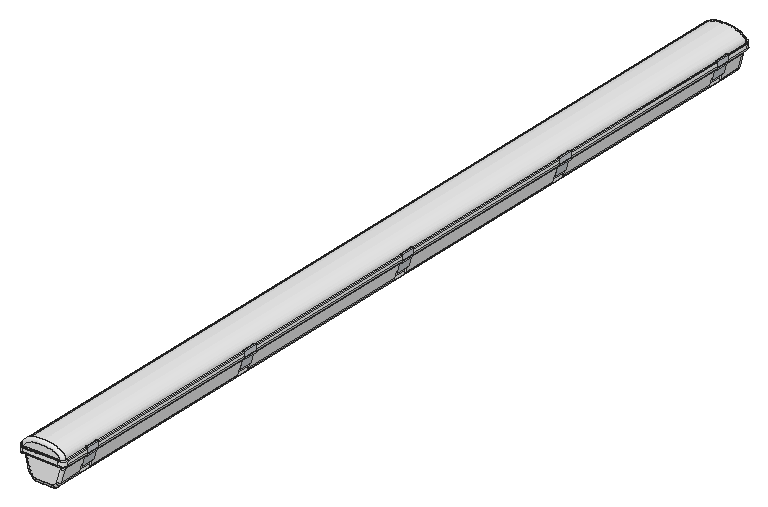
Revit family "0048802 Sylvania Lighting Fixture HYDROPROOF LED G3 1500MM S 4K E3", category Lighting Fixtures, host Face, Revit 2016
Family settings
  Host = Face
  Part Type = Normal
  Round Connector Dimension = Use Diameter
  OmniClass Number = 23.80.70.11.14
  OmniClass Title = General Luminaries, Directional
  Cut with Voids When Loaded = No
  Light Source = Yes
  Shared = No
  Room Calculation Point = No
Parameters (values of type "0048802 HYDROPROOF LED G3 1500MM S 4K E3")
  Width = 84 mm
  Weight = "2.54 kg"
  Wattage Comments = "n/a"
  Wattage = 34 W
  WarrantyStartDate [instance] = "n/a"
  WarrantyGuarantorParts = "n/a"
  WarrantyDurationUnit = "n/a"
  WarrantyDurationParts = "n/a"
  WarrantyDescription = "n/a"
  built-in parameter 1150110 = 1 (stored number, unit not read)
  Voltage = 230 V
  URL = "http://www.sylvania-lighting.com"
  TypeName = "HYDROPROOF LED G3 1500MM S 4K E3"
  Type Image = <None>
  Type Comments = "n/a"
  built-in parameter 1114217 = 1 (stored number, unit not read)
  Tilt Angle = -90.00°
  built-in parameter 1150109 = 1 (stored number, unit not read)
  built-in parameter 1150134 = 12
  built-in parameter 1150113 = 1 (stored number, unit not read)
  SerialNumber [instance] = "n/a"
  ReflectorMaterial = none
  PowerFactor = 0
  PowerConsumption = "34 W"
  Photometric Web File = "0048802.ies"
  NominalWidth = 0 mm
  NominalLength = 1578 mm
  NominalHeight = 75 mm
  Name = "HYDROPROOF LED G3 1500MM S 4K E3"
  ModelReference = "HYDROPROOF LED G3 1500MM S 4K E3"
  ModelNumber = "0048802"
  Model = "HYDROPROOF LED G3 1500MM S 4K E3"
  Material = "grp housing, pmma diffuser"
  ManufacturerName = "Feilo Sylvania"
  Manufacturer = "Feilo Sylvania"
  LuminousEfficacy = "145 lm/W"
  built-in parameter 1150105 = 392.32 (stored number, unit not read)
  Lumens = 4930 lm
  LuminaireType = ""
  built-in parameter 1150115 = 1 (stored number, unit not read)
  LightOutputRatio = "n/a"
  built-in parameter 1150137 = (empty or 0)
  built-in parameter 1150139 = (empty or 0)
  Length = 1572 mm
  LampsType = Lamp  # "LED"
  LampNominalLuminous = "4950 lm"
  LampMacAdamStep = "3"
  LampColourTemperature = "4000 K"
  LampColourRenderingIndex = "80"
  built-in parameter 1150112 = 1 (stored number, unit not read)
  built-in parameter 1150114 = 1 (stored number, unit not read)
  Lamp = "LED"
  Keynote = "16500"
  InstallationDate [instance] = "n/a"
  InputVoltage = "220-240V~"
  InputNominalFrequency = "50/60 Hz"
  built-in parameter 1150132 = (empty or 0)
  built-in parameter 1150102 = (empty or 0)
  built-in parameter 1150107 = 4000 (stored number, unit not read)
  built-in parameter 1150138 = (empty or 0)
  IngressProtection = "IP65"
  ImpactProtectionIndex = "IK02"
  built-in parameter 1150106 = 3.9232 (stored number, unit not read)
  IfcExportType = "IfcLightFixtureType"
  IfcExportAs = "IfcLightFixtureType"
  ExpectedLife = 50000
  Emit from Rectangle Width = Width - 20 mm  # 64 mm
  Emit from Rectangle Length = Length - 20 mm  # 1552 mm
  Emit Shape Visible in Rendering = no
  ElectricShockClassification = "Class I"
  built-in parameter 1150104 = 13.471 (stored number, unit not read)
  DurationUnit = "hours"
  DocumentationLiterature = "http://www.sylvania-lighting.com/product/en-int/products/0048802"
  DimmingControlOptions = "Non dimmable"
  Dimming Lamp Color Temperature Shift = <None>
  DiffuserMaterial = Diffuser-Sylvania-Transparent
  Description = "Hydroproof, integrated LED chemical resistant weatherproof luminaire, with UV stabilized flat diffuser and linear prisms designed to achieve uniform lit appearance, optimise light output and to reduce glare, stainless steel diffuser clips and fixing brackets for surface and wall mounting. L 1578 mm x W 84 mm x H 75 mm size, GRP housing, PMMA diffuser, Non dimmable,   3 hour emergency, 4000K, CRI80,  4950 lm, 34 W, 145 lm/W, nominal average life (h):50000, energy class: A++ A+ A Class I,IK02, IP65."
  Default Elevation = 1219.2 mm
  CreatedOn = "3/27/2018"
  CreatedBy = "aron.fodor@feilosylvania.com"
  Cost = 0
  Color Filter = 16777215
  built-in parameter 1114216 [instance] = (empty or 0)
  ClassificationValue = "EF_70_80"
  ClassificationName = "Uniclass2015"
  BodyMaterial = Body-Sylvania-Gray
  BarCode [instance] = "n/a"
  built-in parameter 1114218 = 1 (stored number, unit not read)
  built-in parameter 1150133 = 10 (stored number, unit not read)
  AssetType = "Fixed"
  AssetIdentifier [instance] = "n/a"
  Assembly Code = "D5020200"
  Apparent Load = 34 VA
  AccessoryMaterial = Diffuser-Sylvania-Glow
Types (2, lengths in mm): name | Wattage | PowerConsumption | Photometric Web File | built-in parameter 1150105 | Lumens | LampNominalLuminous | built-in parameter 1150106 | Apparent Load
  0048802 HYDROPROOF LED G3 1500MM S 4K E3 | 34 W | "34 W" | "0048802.ies" | 392.32 (stored number, unit not read) | 4930 lm | "4950 lm" | 3.9232 (stored number, unit not read) | 34 VA
  0048802 HYDROPROOF LED G3 1500MM S 4K E3 Emergency mode | 1.65517 W | "1.65 W" | "0048802EM.ies" | 19.099 (stored number, unit not read) | 240 lm | "240 lm" | 0.19099 (stored number, unit not read) | 1.65517 VA
Reference planes
  plane 1 "Center (Front/Back)": y = 0
  plane 2: z = 0
  plane 3 "Center (Left/Right)": x = 0
  plane 4: z = 54
  plane 5: x = -14.7
  plane 6: x = -21.8
  plane 7: x = -26.6
  plane 8: x = -29.2
  plane 9: z = 3
  plane 10: z = 7.8
  plane 11: z = 12.3
  plane 12: z = 36.6
  plane 13: z = 42.8
  plane 14: x = -38.1
  plane 15: z = 46.2
  plane 16: x = -42
  plane 17: y = 786
  plane 18: y = -786
  plane 19: x = 14.7
  plane 20: x = 21.8
  plane 21: x = 26.6
  plane 22: x = 29.2
  plane 23: x = 38.1
  plane 24: x = 42
  plane 25: y = 778.4
  plane 26: y = -778.4
  plane 27: y = -774.7
  plane 28: y = 774.7
  plane 29: z = 74
  plane 30: x = -38.5
  plane 31: x = 38.5
  plane 32: z = 55.2
  plane 33: y = -782.5
  plane 34: y = 782.5
  plane 35: x = -24.5
  plane 36: x = 24.5
  plane 37: x = -35.7
  plane 38: x = 35.7
  plane 39: z = 50.2
  plane 40: z = 24.6
  plane 41: y = -720
  plane 42: y = -734
  plane 43: y = -706
  plane 44: y = 720
  plane 45: y = -720
  plane 46: y = -734
  plane 47: y = -706
  plane 48: y = 720
  plane 49: y = 706
  plane 50: y = 734
  plane 51: y = -360
  plane 52: y = -374
  plane 53: y = -346
  plane 54: y = 0
  plane 55: y = -14
  plane 56: y = 14
  plane 57: y = 360
  plane 58: y = 346
  plane 59: y = 374
Forms (mm)
  Sweep 1, solid, material "Body-Sylvania-Gray" <- "BodyMaterial", detail levels medium+fine
    path origin (1223.4, -4572, 54) x (0, -1, 0) y (1, 0, 0)
      loop
        arc (-3796, -1265.4) -> (-3788.929, -1262.471) -> (-3786, -1255.4) r 10
        line (-3786, -1255.4) -> (-3786, -1191.4)
        arc (-3786, -1191.4) -> (-3788.929, -1184.329) -> (-3796, -1181.4) r 10
        line (-3796, -1181.4) -> (-5348, -1181.4)
        arc (-5348, -1181.4) -> (-5355.071, -1184.329) -> (-5358, -1191.4) r 10
        line (-5358, -1191.4) -> (-5358, -1255.4)
        arc (-5358, -1255.4) -> (-5355.071, -1262.471) -> (-5348, -1265.4) r 10
        line (-5348, -1265.4) -> (-3796, -1265.4)
    profile origin (-42, 0, 54) x (-1, 0, 0) y (0, 0, 1)
      loop
        line (0, 0) -> (-1, 0) -> (-1, -7.726)
        arc (-1, -7.726) -> (-1.994, -9.498) -> (-3.9, -10.2) r 2.937
        line (-3.9, -10.2) -> (-8.571, -10.2) -> (-8.571, -11.2) -> (-3.9, -11.2)
        arc (-3.9, -11.2) -> (-1.313, -10.231) -> (0, -7.8) r 3.937
        line (0, -7.8) -> (0, 0)
  Sweep 2, solid, material "Body-Sylvania-Gray" <- "BodyMaterial", detail levels medium+fine
    path origin (0, 0, 0) x (1, 0, 0) y (0, 0, 1)
      loop
        line (35.7, 42.8) -> (35.7, 36.6) -> (29.203, 12.31)
        arc (29.203, 12.31) -> (28.199, 9.884) -> (26.6, 7.8) r 10.052
        line (26.6, 7.8) -> (21.8, 3)
        arc (21.8, 3) -> (18.554, 0.781) -> (14.7, 0) r 9.902
        line (14.7, 0) -> (0, 0) -> (-14.7, 0)
        arc (-14.7, 0) -> (-18.554, 0.781) -> (-21.8, 3) r 9.902
        line (-21.8, 3) -> (-26.6, 7.8)
        arc (-26.6, 7.8) -> (-28.199, 9.884) -> (-29.203, 12.31) r 10.052
        line (-29.203, 12.31) -> (-35.7, 36.6) -> (-35.7, 42.8)
    profile origin (0, 0, 0) x (0, 0, -1) y (0, -1, 0)
      loop
        arc (0, 773.4) -> (-1.464, 776.936) -> (-5, 778.4) r 5
        line (-5, 778.4) -> (-7.8, 778.4) -> (-7.8, -778.4) -> (-5, -778.4)
        arc (-5, -778.4) -> (-1.464, -776.936) -> (0, -773.4) r 5
        line (0, -773.4) -> (0, 773.4)
  Extrusion 3, solid, material "Body-Sylvania-Gray" <- "BodyMaterial", detail levels medium+fine
    sketch origin (1524, 778.4, 1219.2) x (1, 0, 0) y (0, 0, 1)
      loop
        arc (-1545.668, -1204.874) -> (-1545.443, -1205.418) -> (-1545.085, -1205.885) r 2.252
        line (-1545.085, -1205.885) -> (-1540.231, -1210.738)
        arc (-1540.231, -1210.738) -> (-1539.534, -1211.227) -> (-1538.7, -1211.4) r 2.102
        line (-1538.7, -1211.4) -> (-1509.3, -1211.4)
        arc (-1509.3, -1211.4) -> (-1508.466, -1211.227) -> (-1507.769, -1210.738) r 2.102
        line (-1507.769, -1210.738) -> (-1502.915, -1205.885)
        arc (-1502.915, -1205.885) -> (-1502.557, -1205.418) -> (-1502.332, -1204.874) r 2.252
        line (-1502.332, -1204.874) -> (-1496.1, -1181.575) -> (-1496.1, -1176.4) -> (-1551.9, -1176.4) -> (-1551.9, -1181.575) -> (-1545.668, -1204.874)
    from 0 to 1556.8
  Sweep 4, solid, material "Diffuser-Sylvania-Transparent" <- "DiffuserMaterial", detail levels medium+fine
    path origin (0, 0, 0) x (1, 0, 0) y (0, 0, 1)
      loop
        spline (-38.5, 55.2) -> (-37.188, 60.066) -> (-33.342, 64.6) -> (-27.224, 68.494) -> (-19.25, 71.481) -> (-9.965, 73.359) -> (0, 74) -> (9.965, 73.359) -> (19.25, 71.481) -> (27.224, 68.494) -> (33.342, 64.6) -> (37.188, 60.066) -> (38.5, 55.2)
    profile origin (38.5, 0, 55.2) x (0, -1, 0) y (1, 0, 0)
      loop
        arc (782.5, -5.5) -> (780.889, -1.611) -> (777, 0) r 5.5
        line (777, 0) -> (-777, 0)
        arc (-777, 0) -> (-780.889, -1.611) -> (-782.5, -5.5) r 5.5
        line (-782.5, -5.5) -> (-782.5, -6.3) -> (-781.5, -6.3) -> (-781.5, -5.5)
        arc (-781.5, -5.5) -> (-780.182, -2.318) -> (-777, -1) r 4.5
        line (-777, -1) -> (777, -1)
        arc (777, -1) -> (780.182, -2.318) -> (781.5, -5.5) r 4.5
        line (781.5, -5.5) -> (781.5, -6.347) -> (782.5, -6.347) -> (782.5, -5.5)
  Extrusion 5, solid, material "Diffuser-Sylvania-Transparent" <- "DiffuserMaterial", detail levels medium+fine
    sketch origin (1524, -782.5, 1219.2) x (1, 0, 0) y (0, 0, 1)
      loop
        line (-1556.653, -1164) -> (-1491.347, -1164)
        spline (-1491.347, -1164) -> (-1491.939, -1161.945) -> (-1494.434, -1159.066) -> (-1499.342, -1155.96) -> (-1506.338, -1153.35) -> (-1514.799, -1151.648) -> (-1524, -1151.047) -> (-1533.201, -1151.648) -> (-1541.662, -1153.35) -> (-1548.658, -1155.96) -> (-1553.566, -1159.066) -> (-1556.061, -1161.945) -> (-1556.653, -1164)
    from 0 to -1
  Extrusion 6, solid, material "Diffuser-Sylvania-Transparent" <- "DiffuserMaterial", detail levels medium+fine
    sketch origin (1524, 782.5, 1219.2) x (1, 0, 0) y (0, 0, 1)
      loop
        spline (-1491.3, -1164) -> (-1491.898, -1161.922) -> (-1494.404, -1159.03) -> (-1499.322, -1155.918) -> (-1506.325, -1153.305) -> (-1514.793, -1151.602) -> (-1524, -1151) -> (-1533.207, -1151.602) -> (-1541.675, -1153.305) -> (-1548.678, -1155.918) -> (-1553.596, -1159.03) -> (-1556.102, -1161.922) -> (-1556.7, -1164)
        line (-1556.7, -1164) -> (-1491.3, -1164)
    from 0 to 1
  Extrusion 7, solid, material "Diffuser-Sylvania-Glow" <- "AccessoryMaterial", detail levels fine
    sketch origin (0, 0, 0) x (1, 0, 0) y (0, 0, 1)
      loop
        circle (0, 50.2) r 8
    from -774.7 to 774.7
  Extrusion 8, void
    sketch origin (0, -720, 2343.807) x (0, 0, -1) y (-1, 0, 0)
      loop
        line (2340.807, -24.5) -> (2331.507, -24.5) -> (2319.207, -29.2) -> (2319.207, -35.7) -> (2340.807, -35.7) -> (2340.807, -24.5)
      loop
        line (2340.807, 24.5) -> (2340.807, 35.7) -> (2319.207, 35.7) -> (2319.207, 29.2) -> (2331.507, 24.5) -> (2340.807, 24.5)
    from 14 to -14
  Extrusion 9, void, not visible
    sketch origin (0, -720, 2343.807) x (0, 0, -1) y (-1, 0, 0)
      loop
        line (2340.807, -24.5) -> (2331.507, -24.5) -> (2319.207, -29.2) -> (2319.207, -35.7) -> (2340.807, -35.7) -> (2340.807, -24.5)
      loop
        line (2340.807, 24.5) -> (2340.807, 35.7) -> (2319.207, 35.7) -> (2319.207, 29.2) -> (2331.507, 24.5) -> (2340.807, 24.5)
    from 14 to -14
  Extrusion 10, void
    sketch origin (0, 720, 2343.807) x (0, 0, -1) y (-1, 0, 0)
      loop
        line (2340.807, -24.5) -> (2331.507, -24.5) -> (2319.207, -29.2) -> (2319.207, -35.7) -> (2340.807, -35.7) -> (2340.807, -24.5)
      loop
        line (2340.807, 24.5) -> (2340.807, 35.7) -> (2319.207, 35.7) -> (2319.207, 29.2) -> (2331.507, 24.5) -> (2340.807, 24.5)
    from 14 to -14
  Extrusion 11, void
    sketch origin (0, -360, 2343.807) x (0, 0, -1) y (-1, 0, 0)
      loop
        line (2340.807, -24.5) -> (2331.507, -24.5) -> (2319.207, -29.2) -> (2319.207, -35.7) -> (2340.807, -35.7) -> (2340.807, -24.5)
      loop
        line (2340.807, 24.5) -> (2340.807, 35.7) -> (2319.207, 35.7) -> (2319.207, 29.2) -> (2331.507, 24.5) -> (2340.807, 24.5)
    from 14 to -14
  Extrusion 12, void
    sketch origin (0, 0, 2343.807) x (0, 0, -1) y (-1, 0, 0)
      loop
        line (2340.807, -24.5) -> (2331.507, -24.5) -> (2319.207, -29.2) -> (2319.207, -35.7) -> (2340.807, -35.7) -> (2340.807, -24.5)
      loop
        line (2340.807, 24.5) -> (2340.807, 35.7) -> (2319.207, 35.7) -> (2319.207, 29.2) -> (2331.507, 24.5) -> (2340.807, 24.5)
    from 14 to -14
  Extrusion 13, void
    sketch origin (0, 360, 2343.807) x (0, 0, -1) y (-1, 0, 0)
      loop
        line (2340.807, -24.5) -> (2331.507, -24.5) -> (2319.207, -29.2) -> (2319.207, -35.7) -> (2340.807, -35.7) -> (2340.807, -24.5)
      loop
        line (2340.807, 24.5) -> (2340.807, 35.7) -> (2319.207, 35.7) -> (2319.207, 29.2) -> (2331.507, 24.5) -> (2340.807, 24.5)
    from 14 to -14
  Extrusion 14, solid, material "Diffuser-Sylvania-Transparent" <- "DiffuserMaterial", detail levels medium+fine
    sketch origin (1223.4, -4572, 54) x (0, -1, 0) y (-1, 0, 0)
      loop
        arc (-5348, 1265.4) -> (-5355.071, 1262.471) -> (-5358, 1255.4) r 10
        line (-5358, 1255.4) -> (-5358, 1191.4)
        arc (-5358, 1191.4) -> (-5355.071, 1184.329) -> (-5348, 1181.4) r 10
        line (-5348, 1181.4) -> (-3796, 1181.4)
        arc (-3796, 1181.4) -> (-3788.929, 1184.329) -> (-3786, 1191.4) r 10
        line (-3786, 1191.4) -> (-3786, 1255.4)
        arc (-3786, 1255.4) -> (-3788.929, 1262.471) -> (-3796, 1265.4) r 10
        line (-3796, 1265.4) -> (-5348, 1265.4)
      loop
        arc (-5354.5, 1190.394) -> (-5352.887, 1186.509) -> (-5349, 1184.9) r 5.5
        line (-5349, 1184.9) -> (-3795, 1184.9)
        arc (-3795, 1184.9) -> (-3791.113, 1186.509) -> (-3789.5, 1190.394) r 5.5
        line (-3789.5, 1190.394) -> (-3789.5, 1256.406)
        arc (-3789.5, 1256.406) -> (-3791.113, 1260.291) -> (-3795, 1261.9) r 5.5
        line (-3795, 1261.9) -> (-5349, 1261.9)
        arc (-5349, 1261.9) -> (-5352.887, 1260.291) -> (-5354.5, 1256.406) r 5.5
        line (-5354.5, 1256.406) -> (-5354.5, 1190.394)
    from 0 to -1.2
  Extrusion 15, solid, material "Body-Sylvania-Gray" <- "BodyMaterial", detail levels coarse
    sketch origin (0, 0, 0) x (1, 0, 0) y (0, 0, 1)
      loop
        line (-42, 55.2) -> (-42, 42.8) -> (-26.6, 0) -> (26.6, 0) -> (42, 42.8) -> (42, 55.2) -> (-42, 55.2)
    from -786 to 786
  Extrusion 16, solid, material "Diffuser-Sylvania-Transparent" <- "DiffuserMaterial", detail levels coarse
    sketch origin (0, 0, 0) x (1, 0, 0) y (0, 0, 1)
      loop
        line (-38.5, 55.2) -> (38.5, 55.2)
        arc (38.5, 55.2) -> (0, 74) -> (-38.5, 55.2) r 48.822
    from -778.4 to 778.4
Cuts and joins
  Extrusion 8, Extrusion 10, Extrusion 11, Extrusion 12, Extrusion 13 cuts Sweep 2
  Extrusion 8, Extrusion 10, Extrusion 11, Extrusion 12, Extrusion 13 cuts Extrusion 3
  joined: Sweep 2, Extrusion 3
  joined: Sweep 4, Extrusion 5, Extrusion 6, Extrusion 14
Dimensions and locks
  locked: plane 4 to plane 2 at 54
  plane 5 to plane 6 to plane 7 to plane 8 to plane 14 to plane 16 = 7.1 mm locked, 4.8 mm locked, 2.6 mm locked, 8.9 mm locked, 3.9 mm locked
  plane 4 to plane 15 to plane 13 to plane 12 to plane 11 to plane 10 to plane 9 = 7.8 mm locked, 3.4 mm, 6.2 mm locked, 24.3 mm locked, 4.5 mm locked, 4.8 mm locked
  equal spacing: plane 18, plane 1 "Center (Front/Back)", plane 17
  "Length": plane 18 to plane 17
  plane 19 to plane 20 to plane 21 to plane 22 to plane 23 to plane 24 = 7.1 mm locked, 4.8 mm locked, 2.6 mm locked, 8.9 mm, 3.9 mm
  equal spacing: plane 24, plane 3 "Center (Left/Right)", plane 16
  "Width": plane 24 to plane 16
  equal spacing: plane 27, plane 1 "Center (Front/Back)", plane 28
  locked: plane 26 to plane 27 at 3.7
  locked: Sweep 1 sketch curve to profile plane at 1
  locked: Sweep 1 sketch curve to plane 13 at 1
  locked: Sweep 1 sketch curve to plane 13 at 3.937  (x2)
  locked: Sweep 1 sketch curve to profile plane at 3.9  (x2)
  plane 29 to plane 4 = 20 mm
  equal spacing: plane 31, plane 3 "Center (Left/Right)", plane 30
  locked: plane 30 to plane 16 at 3.5
  locked: plane 32 to plane 4 at 1.2
  equal spacing: plane 33, plane 1 "Center (Front/Back)", plane 34
  equal spacing: plane 36, plane 3 "Center (Left/Right)", plane 35
  locked: plane 34 to plane 17 at 3.5
  equal spacing: plane 38, plane 3 "Center (Left/Right)", plane 37
  locked: plane 37 to plane 16 at 6.3
  equal spacing: plane 25, plane 1 "Center (Front/Back)", plane 26
  locked: plane 17 to plane 25 at 7.6
  locked: Sweep 2 sketch curve to plane 2 at 5  (x2)
  locked: Sweep 2 sketch curve to plane 26 at 5
  locked: plane 25 to Sweep 2 sketch curve at 5
  locked: Sweep 4 sketch curve to plane 31 at 5.5  (x2)
  locked: Sweep 4 sketch curve to plane 34 at 5.5
  plane 33 to Sweep 4 sketch curve = 5.5 mm
  locked: plane 34 to Sweep 4 sketch curve at 1
  locked: Sweep 4 sketch curve to plane 31 at 1
  locked: Sweep 4 sketch curve to Sweep 4 sketch curve at 1
  locked: Sweep 4 sketch curve to plane 31 at 6.347
  locked: Sweep 4 sketch curve to plane 31 at 6.3
  locked: plane 40 to plane 2 at 24.6
  locked: plane 6 to plane 35 at 2.7
  locked: plane 1 "Center (Front/Back)" to plane 41 at 720
  plane 43 to plane 41 to plane 42 = 14 mm locked, 14 mm locked
  locked: plane 44 to plane 1 "Center (Front/Back)" at 720
  plane 47 to plane 45 to plane 46 = 14 mm locked, 14 mm locked
  plane 50 to plane 48 to plane 49 = 14 mm locked, 14 mm locked  (x2)
  equal spacing: group 1, group 6, group 7, group 8, group 5  (x3)
  plane 53 to plane 51 to plane 52 = 14 mm locked, 14 mm locked  (x2)
  plane 56 to plane 54 to plane 55 = 14 mm locked, 14 mm locked  (x2)
  plane 59 to plane 57 to plane 58 = 14 mm locked, 14 mm locked  (x2)
  plane 48 to plane 57 to plane 1 "Center (Front/Back)" to plane 51 to plane 41 = 360 mm locked, 360 mm locked, 360 mm locked, 360 mm locked
  aligned and locked: plane 2 to host face
  aligned and locked: level to host face
  aligned and locked: plane 16 to Sweep 1 sketch curve
  aligned and locked: Sweep 1 sketch curve to plane 24
  aligned and locked: plane 18 to Sweep 1 sketch curve
  aligned and locked: Sweep 1 sketch curve to plane 13
  aligned and locked: profile plane to Sweep 1 sketch curve
  aligned and locked: plane 3 "Center (Left/Right)" to Sweep 2 sketch curve
  aligned and locked: plane 9 to Sweep 2 sketch curve
  aligned and locked: plane 10 to Sweep 2 sketch curve
  aligned and locked: plane 37 to Sweep 2 sketch curve
  aligned and locked: plane 12 to Sweep 2 sketch curve
  aligned and locked: Sweep 2 sketch curve to level
  aligned and locked: plane 21 to Sweep 2 sketch curve
  aligned and locked: plane 38 to Sweep 2 sketch curve
  aligned and locked: profile plane to Sweep 2 sketch curve
  aligned and locked: plane 25 to Sweep 2 sketch curve
  aligned and locked: Sweep 2 sketch curve to plane 10
  aligned and locked: Extrusion 3 sketch curve to Sweep 2  (x7)
  aligned and locked: Sweep 2 to Extrusion 3 sketch curve
  aligned and locked: Extrusion 3 to plane 25
  aligned and locked: plane 26 to Extrusion 3
  aligned and locked: plane 32 to Sweep 4 sketch curve
  aligned and locked: plane 33 to Sweep 4 sketch curve
  aligned and locked: Sweep 4 to Extrusion 5
  aligned and locked: plane 33 to Extrusion 5
  aligned and locked: plane 39 to Extrusion 7 sketch curve
  aligned and locked: plane 27 to Extrusion 7
  aligned and locked: Extrusion 7 to plane 28
  aligned and locked: Extrusion 6 sketch curve to Sweep 4
  aligned and locked: Extrusion 5 sketch curve to Sweep 4
  aligned and locked: Extrusion 8 to plane 43
  aligned and locked: plane 42 to Extrusion 8
  aligned and locked: Extrusion 10 to plane 50
  aligned and locked: plane 49 to Extrusion 10
  aligned and locked: Extrusion 11 to plane 53
  aligned and locked: plane 52 to Extrusion 11
  aligned and locked: Extrusion 12 to plane 56
  aligned and locked: plane 55 to Extrusion 12
  aligned and locked: Extrusion 13 to plane 59
  aligned and locked: plane 58 to Extrusion 13
  aligned and locked: plane 3 "Center (Left/Right)" to Extrusion 7 sketch curve
  aligned and locked: Extrusion 14 sketch curve to Sweep 1  (x4)
  aligned and locked: Extrusion 14 to plane 32
  aligned and locked: plane 4 to Extrusion 14
  aligned and locked: plane 48 to nested 1
  aligned and locked: plane 57 to nested 2
  aligned and locked: plane 54 to nested 3
  aligned and locked: nested 4 to plane 51
  aligned and locked: nested 5 to plane 41
  aligned and locked: plane 41 to nested 10
  aligned and locked: plane 51 to nested 9
  aligned and locked: plane 54 to nested 8
  aligned and locked: plane 57 to nested 7
  aligned and locked: plane 48 to nested 6
  aligned and locked: plane 1 "Center (Front/Back)" to imposter light
  aligned and locked: plane 3 "Center (Left/Right)" to imposter light
  aligned and locked: imposter light to plane 29
  aligned and locked: plane 7 to Extrusion 15 sketch curve
  aligned and locked: plane 2 to Extrusion 15 sketch curve
  aligned and locked: Extrusion 15 sketch curve to nested 6
  aligned and locked: Extrusion 15 sketch curve to nested 1
  aligned and locked: plane 18 to Extrusion 15
  aligned and locked: Extrusion 15 to plane 17
  aligned and locked: Extrusion 15 to Sweep 1  (x2)
  aligned and locked: plane 30 to Extrusion 16 sketch curve
  aligned and locked: plane 31 to Extrusion 16 sketch curve
  aligned and locked: Extrusion 16 sketch curve to cut or joined group of Sweep 4, Extrusion 5, Extrusion 6, Extrusion 14
  aligned and locked: Extrusion 16 to plane 25
  aligned and locked: plane 26 to Extrusion 16
Automatic sketch dimensions
  host sketch curve to host sketch curve = 2438.4 mm  (x2)
  plane 17 to Sweep 1 sketch curve = 0 mm
  Sweep 1 sketch curve to plane 28 = 1.3 mm
  Sweep 1 sketch curve to plane 7 = 5.4 mm
  plane 27 to Sweep 1 sketch curve = 1.3 mm  (x2)
  Sweep 1 sketch curve to Sweep 1 sketch curve = 4.671 mm
  Sweep 1 sketch curve to plane 4 = 0 mm
  Sweep 2 sketch curve to plane 7 = 0 mm
  Sweep 2 sketch curve to plane 6 = 0 mm
  Sweep 2 sketch curve to plane 5 = 0 mm
  plane 19 to Sweep 2 sketch curve = 0 mm
  Sweep 2 sketch curve to plane 9 = 0 mm
  plane 20 to Sweep 2 sketch curve = 0 mm
  Sweep 2 sketch curve to plane 12 = 0 mm
  Sweep 2 sketch curve to plane 10 = 0 mm
  Sweep 2 sketch curve to plane 13 = 0 mm  (x2)
  Sweep 2 sketch curve to plane 8 = 0.003 mm
  plane 6 to Sweep 2 sketch curve = 2.308 mm
  plane 20 to Sweep 2 sketch curve = 2.308 mm
  Sweep 2 sketch curve to plane 22 = 0.003 mm
  Sweep 2 sketch curve to plane 11 = 0.01 mm  (x2)
  Extrusion 3 sketch curve to plane 5 = 0 mm
  plane 19 to Extrusion 3 sketch curve = 0 mm
  plane 6 to Extrusion 3 sketch curve = 0.132 mm
  plane 6 to Extrusion 3 sketch curve = 0.715 mm
  Extrusion 3 sketch curve to Extrusion 3 sketch curve = 1.592 mm
  Extrusion 3 sketch curve to plane 10 = 0.662 mm  (x2)
  plane 20 to Extrusion 3 sketch curve = 2.308 mm
  plane 20 to Extrusion 3 sketch curve = 0.715 mm
  plane 20 to Extrusion 3 sketch curve = 0.132 mm
  Sweep 4 sketch curve to plane 30 = 0 mm
  Sweep 4 sketch curve to plane 3 "Center (Left/Right)" = 0 mm
  Sweep 4 sketch curve to Sweep 4 sketch curve = 0 mm  (x2)
  plane 37 to Extrusion 6 sketch curve = 3 mm
  Extrusion 6 sketch curve to plane 38 = 3 mm
  plane 37 to Extrusion 5 sketch curve = 3.047 mm
  Extrusion 5 sketch curve to plane 38 = 3.047 mm
  Extrusion 8 sketch curve to Extrusion 8 sketch curve = 0 mm
  Extrusion 8 sketch curve to Extrusion 8 sketch curve = 12.3 mm  (x2)
  Extrusion 8 sketch curve to Extrusion 8 sketch curve = 9.3 mm  (x2)
  Extrusion 8 sketch curve to Extrusion 8 sketch curve = 6.5 mm  (x2)
  Extrusion 8 sketch curve to Extrusion 8 sketch curve = 4.7 mm  (x2)
  Extrusion 8 sketch curve to Extrusion 8 sketch curve = 49 mm
  Extrusion 9 sketch curve to Extrusion 9 sketch curve = 0 mm
  Extrusion 9 sketch curve to Extrusion 9 sketch curve = 12.3 mm  (x2)
  Extrusion 9 sketch curve to Extrusion 9 sketch curve = 9.3 mm  (x2)
  Extrusion 9 sketch curve to Extrusion 9 sketch curve = 6.5 mm  (x2)
  Extrusion 9 sketch curve to Extrusion 9 sketch curve = 4.7 mm  (x2)
  Extrusion 9 sketch curve to Extrusion 9 sketch curve = 49 mm
  Extrusion 10 sketch curve to Extrusion 10 sketch curve = 0 mm
  Extrusion 10 sketch curve to Extrusion 10 sketch curve = 12.3 mm  (x2)
  Extrusion 10 sketch curve to Extrusion 10 sketch curve = 9.3 mm  (x2)
  Extrusion 10 sketch curve to Extrusion 10 sketch curve = 6.5 mm  (x2)
  Extrusion 10 sketch curve to Extrusion 10 sketch curve = 4.7 mm  (x2)
  Extrusion 10 sketch curve to Extrusion 10 sketch curve = 49 mm
  Extrusion 11 sketch curve to Extrusion 11 sketch curve = 0 mm
  Extrusion 11 sketch curve to Extrusion 11 sketch curve = 12.3 mm  (x2)
  Extrusion 11 sketch curve to Extrusion 11 sketch curve = 9.3 mm  (x2)
  Extrusion 11 sketch curve to Extrusion 11 sketch curve = 6.5 mm  (x2)
  Extrusion 11 sketch curve to Extrusion 11 sketch curve = 4.7 mm  (x2)
  Extrusion 11 sketch curve to Extrusion 11 sketch curve = 49 mm
  Extrusion 12 sketch curve to Extrusion 12 sketch curve = 0 mm
  Extrusion 12 sketch curve to Extrusion 12 sketch curve = 12.3 mm  (x2)
  Extrusion 12 sketch curve to Extrusion 12 sketch curve = 9.3 mm  (x2)
  Extrusion 12 sketch curve to Extrusion 12 sketch curve = 6.5 mm  (x2)
  Extrusion 12 sketch curve to Extrusion 12 sketch curve = 4.7 mm  (x2)
  Extrusion 12 sketch curve to Extrusion 12 sketch curve = 49 mm
  Extrusion 13 sketch curve to Extrusion 13 sketch curve = 0 mm
  Extrusion 13 sketch curve to Extrusion 13 sketch curve = 12.3 mm  (x2)
  Extrusion 13 sketch curve to Extrusion 13 sketch curve = 9.3 mm  (x2)
  Extrusion 13 sketch curve to Extrusion 13 sketch curve = 6.5 mm  (x2)
  Extrusion 13 sketch curve to Extrusion 13 sketch curve = 4.7 mm  (x2)
  Extrusion 13 sketch curve to Extrusion 13 sketch curve = 49 mm
  Extrusion 14 sketch curve to plane 34 = 0 mm
  plane 30 to Extrusion 14 sketch curve = 0 mm
  Extrusion 14 sketch curve to plane 31 = 0 mm
  plane 33 to Extrusion 14 sketch curve = 0 mm
  plane 25 to Extrusion 14 sketch curve = 1.4 mm  (x4)
  Extrusion 14 sketch curve to plane 26 = 1.4 mm  (x4)
  plane 37 to Extrusion 14 sketch curve = 2.694 mm  (x2)
  Extrusion 14 sketch curve to plane 38 = 2.694 mm  (x2)
  plane 21 to Extrusion 15 sketch curve = 0 mm
  Extrusion 15 sketch curve to plane 13 = 0 mm  (x2)
  Extrusion 15 sketch curve to plane 32 = 0 mm
  Extrusion 16 sketch curve to plane 40 = 0.578 mm
  radius of Extrusion 7 sketch curve = 8 mm
Nested families
  nested 1: "Clip" at (-29.2, 720, 24.6) x (-1, 0, 0) z (0, 0, 1), type "Clip", detail levels fine
  nested 2: "Clip" at (-29.2, 360, 24.6) x (-1, 0, 0) z (0, 0, 1), type "Clip", detail levels fine
  nested 3: "Clip" at (-29.2, 0, 24.6) x (-1, 0, 0) z (0, 0, 1), type "Clip", detail levels fine
  nested 4: "Clip" at (-29.2, -360, 24.6) x (-1, 0, 0) z (0, 0, 1), type "Clip", detail levels fine
  nested 5: "Clip" at (-29.2, -720, 24.6) x (-1, 0, 0) z (0, 0, 1), type "Clip", detail levels fine
  nested 6: "Clip" at (29.2, 720, 24.6), type "Clip", detail levels fine
  nested 7: "Clip" at (29.2, 360, 24.6), type "Clip", detail levels fine
  nested 8: "Clip" at (29.2, 0, 24.6), type "Clip", detail levels fine
  nested 9: "Clip" at (29.2, -360, 24.6), type "Clip", detail levels fine
  nested 10: "Clip" at (29.2, -720, 24.6), type "Clip", detail levels fine
Connectors
  electrical at (0, 0, 0), driven by "Apparent Load"
    settings: index 1, voltage 230 V, apparent load 34 VA, apparent load phase1 0 VA, apparent load phase2 0 VA, apparent load phase3 0 VA, power factor 0, load classification "Lighting", number of poles 1, system type 30, power factor state 1, is connector primary yes, connector utility no, sub classification motor no, connector description ""
Definition of nested family "Clip"
  Parameters (values of type "Clip")
    URL = "http://www.feilosylvania.com"
    Type Comments = "n/a"
    Model = "n/a"
    Manufacturer = "Feilo Sylvania"
    Keynote = "n/a"
    Description = "n/a"
    Default Elevation = 1219.2 mm
    Cost = 0
    BodyMaterial = none
    Assembly Code = "n/a"
  Reference planes
    plane 1 "Center (Front/Back)": y = 0
    plane 2: z = 0
    plane 3 "Center (Left/Right)": x = 0
    plane 4: x = 3.3
    plane 5: x = 6.5
    plane 6: x = 8.9
    plane 7: x = 12.8
    plane 8: z = 12
    plane 9: z = 18.2
    plane 10: z = 21.6
    plane 11: z = 30.6
    plane 12: x = 9.3
    plane 13: z = 19.2
    plane 14: z = 16.2
    plane 15: x = 10.1
    plane 16: y = 12
    plane 17: y = -12
  Forms (mm)
    Extrusion 1, solid
      sketch origin (-0.8, 0, 0) x (1, 0, 0) y (0, 1, 0)
        loop
          line (-1219.2, 1219.2) -> (-1219.2, -1219.2) -> (1219.2, -1219.2) -> (1219.2, 1219.2) -> (-1219.2, 1219.2)
      from 0 to -304.8
    Extrusion 2, solid
      sketch origin (0, 0, 0) x (1, 0, 0) y (0, 0, 1)
        loop
          line (8.9, 16.2) -> (4.58, 0) -> (0, 0) -> (0, -0.8) -> (5.195, -0.8) -> (9.603, 15.731) -> (13.6, 18.806) -> (13.6, 30.6)
          arc (13.6, 30.6) -> (11.45, 32.75) -> (9.3, 30.6) r 2.15
          line (9.3, 30.6) -> (10.1, 30.6)
          arc (10.1, 30.6) -> (11.45, 31.95) -> (12.8, 30.6) r 1.35
          line (12.8, 30.6) -> (12.8, 19.2) -> (8.9, 16.2)
      from -12 to 12
  Lines and regions (mm)
    reference lines
      curve 1: line (3.3, 0, 0) -> (6.5, 0, 12)
      curve 2: arc (8.9, 0, 18.2) -> (11.488, 0, 19.169) -> (12.8, 0, 21.6) r 3.934
  Dimensions and locks
    plane 7 to plane 6 to plane 5 to plane 4 to plane 3 "Center (Left/Right)" = 3.9 mm locked, 2.4 mm locked, 3.2 mm locked, 3.3 mm locked
    plane 11 to plane 10 to plane 9 to plane 8 to plane 2 = 9 mm locked, 3.4 mm locked, 6.2 mm locked, 12 mm locked
    locked: plane 7 to plane 12 at 3.5
    locked: plane 13 to plane 9 at 1
    locked: plane 9 to plane 14 at 2
    locked: plane 15 to plane 12 at 0.8
    locked: plane 2 to Extrusion 2 sketch curve at 0.8
    locked: Extrusion 2 sketch curve to Extrusion 2 sketch curve at 0.8  (x3)
    locked: plane 7 to Extrusion 2 sketch curve at 1.35
    equal spacing: plane 17, plane 1 "Center (Front/Back)", plane 16
    locked: plane 1 "Center (Front/Back)" to plane 16 at 12
    aligned and locked: plane 2 to Extrusion 1
    aligned and locked: level to Extrusion 1
    aligned and locked: plane 4 to curve 1
    aligned and locked: plane 5 to curve 1
    aligned and locked: plane 6 to curve 2
    aligned and locked: plane 10 to curve 2
    aligned and locked: plane 14 to Extrusion 2 sketch curve
    aligned and locked: plane 13 to Extrusion 2 sketch curve
    aligned and locked: plane 7 to Extrusion 2 sketch curve
    aligned and locked: plane 3 "Center (Left/Right)" to Extrusion 2 sketch curve
    aligned and locked: Extrusion 2 sketch curve to level
    aligned and locked: Extrusion 2 sketch curve to plane 11
    aligned and locked: plane 11 to Extrusion 2 sketch curve
    aligned and locked: Extrusion 2 to plane 16
    aligned and locked: plane 17 to Extrusion 2
  Automatic sketch dimensions
    Extrusion 1 sketch curve to Extrusion 1 sketch curve = 2438.4 mm  (x2)
    curve 2 to plane 7 = 0 mm
    curve 1 to level = 0 mm
    curve 1 to plane 8 = 0 mm
    curve 2 to plane 9 = 0 mm
    plane 6 to curve 2 = 0.002 mm
    Extrusion 2 sketch curve to Extrusion 2 sketch curve = 0 mm
    Extrusion 2 sketch curve to plane 6 = 0 mm
    plane 4 to Extrusion 2 sketch curve = 1.28 mm
